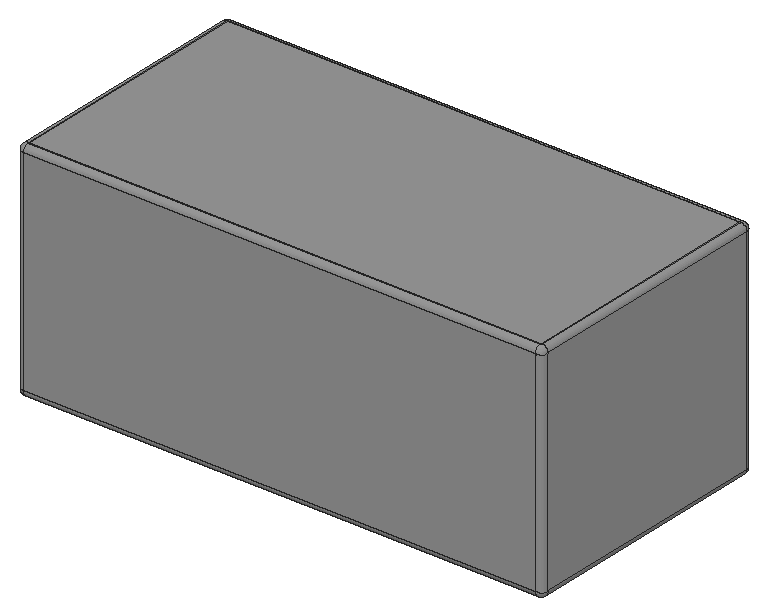
Revit family "BM.SW.B.422118 Schoolworks Bench High", category Generic Models, Revit 2018
Family settings
  Can host rebar = No
  Round Connector Dimension = Use Diameter
  Part Type = Normal
  Work Plane-Based = No
  Always vertical = Yes
  Cut with Voids When Loaded = No
  Shared = No
  Room Calculation Point = No
Parameters
  Fabric = BM.SW.B.422118 Schoolworks High Fabric
Reference planes (in)
  plane 1 "Center (Front/Back)": y = 0
  plane 2: z = 0
  plane 3 "Center (Left/Right)": x = 0
Forms (in)
  Extrusion 1, solid, material "BM.SW.B.422118 Schoolworks High Fabric" <- "Fabric"
    sketch origin (0, 0, 0) x (1, 0, 0) y (0, 1, 0)
      loop
        line (20.27165, 9.875) -> (-20.27165, 9.875)
        arc (-20.27165, 9.875) -> (-20.30054, 9.86304) -> (-20.3125, 9.83415) r 0.04085
        line (-20.3125, 9.83415) -> (-20.3125, -9.83415)
        arc (-20.3125, -9.83415) -> (-20.30054, -9.86304) -> (-20.27165, -9.875) r 0.04085
        line (-20.27165, -9.875) -> (20.27165, -9.875)
        arc (20.27165, -9.875) -> (20.30054, -9.86304) -> (20.3125, -9.83415) r 0.04085
        line (20.3125, -9.83415) -> (20.3125, 9.83415)
        arc (20.3125, 9.83415) -> (20.30054, 9.86304) -> (20.27165, 9.875) r 0.04085
    from 0.125 to 18
  Extrusion 2, solid
    sketch origin (0, 0, 0) x (1, 0, 0) y (0, 1, 0)
      loop
        circle (18.80998, 8.37247) r 0.5
      loop
        circle (-18.80998, 8.37247) r 0.5
      loop
        circle (18.80998, -8.37247) r 0.5
      loop
        circle (-18.80998, -8.37247) r 0.5
    from 0 to 0.125
  Sweep 3, solid, material "BM.SW.B.422118 Schoolworks High Fabric" <- "Fabric"
    path origin (0, 0, 0) x (1, 0, 0) y (0, 1, 0)
      loop
        line (20.27165, 9.875) -> (-20.27165, 9.875)
        arc (-20.27165, 9.875) -> (-20.30054, 9.86304) -> (-20.3125, 9.83415) r 0.04085
        line (-20.3125, 9.83415) -> (-20.3125, -9.83415)
        arc (-20.3125, -9.83415) -> (-20.30054, -9.86304) -> (-20.27165, -9.875) r 0.04085
        line (-20.27165, -9.875) -> (20.27165, -9.875)
        arc (20.27165, -9.875) -> (20.30054, -9.86304) -> (20.3125, -9.83415) r 0.04085
        line (20.3125, -9.83415) -> (20.3125, 9.83415)
        arc (20.3125, 9.83415) -> (20.30054, 9.86304) -> (20.27165, 9.875) r 0.04085
    profile origin (0, 9.875, 0) x (0, -1, 0) y (0, 0, 1)
      loop
        line (0, 0.125) -> (0, 18)
        arc (0, 18) -> (-0.35355, 17.85355) -> (-0.5, 17.5) r 0.5
        line (-0.5, 17.5) -> (-0.5, 0.625)
        arc (-0.5, 0.625) -> (-0.35355, 0.27145) -> (0, 0.125) r 0.5
Dimensions and locks (in)
  aligned and locked: plane 2 to level
